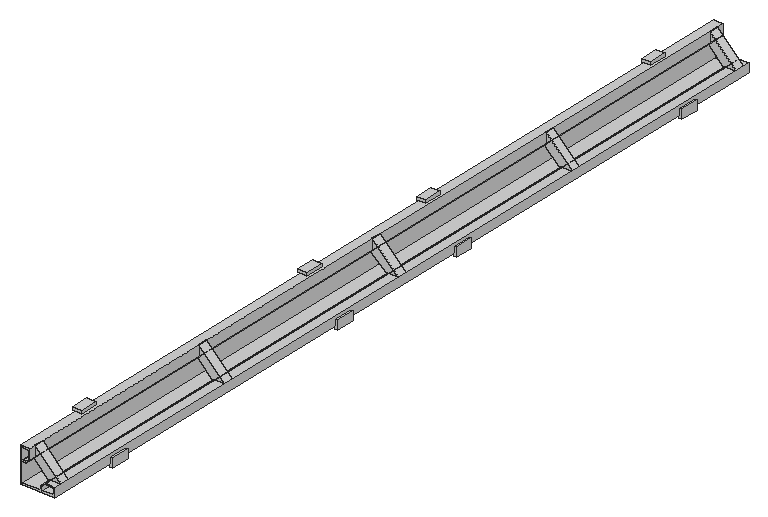
Revit family "LGW_OUTSIDE CORNER LGW 2,4_1923272", category Generic Models, Revit 2018
Family settings
  Can host rebar = No
  Round Connector Dimension = Use Diameter
  Part Type = Normal
  OmniClass Number = 35.51.14.00
  OmniClass Title = FORMWORK
  Work Plane-Based = Yes
  Always vertical = No
  Cut with Voids When Loaded = No
  Shared = Yes
  Room Calculation Point = No
Parameters
  VERSION = "20190101"  # constant formula
  URL = "www.ulmaconstruction.com/en"
  UNICLASS = ""
  ITEM_CODE = "1923272"
  Manufacturer = "ULMA CONSTRUCTION"  # constant formula
  FILTER [instance] = ""
  Default Elevation = 0.000 mm
  CLASSIFICATION_TITLE = ""
  CLASSIFICATION_NUMBER = ""
Reference planes
  plane 1 "Centro (Frontal/Posterior)": y = 0
  plane 2: z = 0
  plane 3 "Centro (Izquierda/Derecha)": x = 0
  plane 4 "ITEM_HEIGHT": y = 2400
Forms (mm)
  Extrusion 1, solid, material "ULMA ZINC"
    sketch origin (0, 0, 0) x (1, 0, 0) y (0, 0, 1)
      loop
        line (25, 96.5) -> (0, 96.5) -> (0, 0) -> (96.5, 0) -> (96.5, 25) -> (66.5, 25) -> (57.5, 16) -> (57.5, 4) -> (4, 4) -> (4, 57.5) -> (16, 57.5) -> (25, 66.5) -> (25, 96.5)
      loop
        line (4, 60) -> (14.964, 60) -> (22.5, 67.536) -> (22.5, 92.5) -> (4, 92.5) -> (4, 60)
      loop
        line (60, 14.964) -> (60, 4) -> (92.5, 4) -> (92.5, 22.5) -> (67.536, 22.5) -> (60, 14.964)
    from -2400 to 0
  Extrusion 2, solid, material "ULMA ZINC", detail levels fine
    sketch origin (0, 0, 0) x (1, 0, 0) y (0, 0, 1)
      loop
        line (61.145, 25) -> (96.5, 25) -> (25, 96.5) -> (25, 61.145) -> (61.145, 25)
    from -45 to -20
  Extrusion 3, solid, material "ULMA ZINC", detail levels fine
    sketch origin (0, 567.5, 0) x (1, 0, 0) y (0, 0, 1)
      loop
        line (61.145, 25) -> (96.5, 25) -> (25, 96.5) -> (25, 61.145) -> (61.145, 25)
    from -45 to -20
  Extrusion 4, solid, material "ULMA ZINC", detail levels fine
    sketch origin (0, 1047.5, 0) x (1, 0, 0) y (0, 0, 1)
      loop
        line (61.145, 25) -> (96.5, 25) -> (25, 96.5) -> (25, 61.145) -> (61.145, 25)
    from -165 to -140
  Extrusion 5, solid, material "ULMA ZINC", detail levels fine
    sketch origin (0, 1687.5, 0) x (1, 0, 0) y (0, 0, 1)
      loop
        line (61.145, 25) -> (96.5, 25) -> (25, 96.5) -> (25, 61.145) -> (61.145, 25)
    from -125 to -100
  Extrusion 6, solid, material "ULMA ZINC", detail levels fine
    sketch origin (0, 2202.5, 0) x (1, 0, 0) y (0, 0, 1)
      loop
        line (61.145, 25) -> (96.5, 25) -> (25, 96.5) -> (25, 61.145) -> (61.145, 25)
    from -177.5 to -152.5
  Extrusion 7, solid, material "ULMA ZINC", detail levels fine
    sketch origin (0, 0, 0) x (1, 0, 0) y (0, 0, 1)
      loop
        line (-7, 104.5) -> (-7, 96.5) -> (18, 96.5) -> (18, 104.5) -> (-7, 104.5)
      loop
        line (96.5, 18) -> (96.5, -7) -> (104.5, -7) -> (104.5, 18) -> (96.5, 18)
    from -240 to -190
  Extrusion 8, solid, material "ULMA ZINC", detail levels fine
    sketch origin (0, 830, 0) x (1, 0, 0) y (0, 0, 1)
      loop
        line (-7, 104.5) -> (-7, 96.5) -> (18, 96.5) -> (18, 104.5) -> (-7, 104.5)
      loop
        line (96.5, 18) -> (96.5, -7) -> (104.5, -7) -> (104.5, 18) -> (96.5, 18)
    from -190 to -140
  Extrusion 9, solid, material "ULMA ZINC", detail levels fine
    sketch origin (0, 1740, 0) x (1, 0, 0) y (0, 0, 1)
      loop
        line (-7, 104.5) -> (-7, 96.5) -> (18, 96.5) -> (18, 104.5) -> (-7, 104.5)
      loop
        line (96.5, 18) -> (96.5, -7) -> (104.5, -7) -> (104.5, 18) -> (96.5, 18)
    from 310 to 360
  Extrusion 10, solid, material "ULMA ZINC", detail levels fine
    sketch origin (0, 2570, 0) x (1, 0, 0) y (0, 0, 1)
      loop
        line (-7, 104.5) -> (-7, 96.5) -> (18, 96.5) -> (18, 104.5) -> (-7, 104.5)
      loop
        line (96.5, 18) -> (96.5, -7) -> (104.5, -7) -> (104.5, 18) -> (96.5, 18)
    from 360 to 410
Lines and regions (mm)
  model lines, style "ULMA PANELS", detail levels fine
    curve 1: circle (42, 450, 0) r 10 normal (0, 0, 1)
    curve 2: circle (42, 950, 0) r 10 normal (0, 0, 1)
    curve 3: circle (42, 1450, 0) r 10 normal (0, 0, 1)
    curve 4: circle (42, 1950, 0) r 10 normal (0, 0, 1)
    curve 5: circle (0, 450, 42) r 10 normal (1, 0, 0)
    curve 6: circle (0, 950, 42) r 10 normal (1, 0, 0)
    curve 7: circle (0, 1450, 42) r 10 normal (1, 0, 0)
    curve 8: circle (0, 1950, 42) r 10 normal (1, 0, 0)
    curve 9: circle (4, 450, 42) r 10 normal (1, 0, 0)
    curve 10: circle (4, 950, 42) r 10 normal (1, 0, 0)
    curve 11: circle (4, 1450, 42) r 10 normal (1, 0, 0)
    curve 12: circle (4, 1950, 42) r 10 normal (1, 0, 0)
    curve 13: circle (42, 450, 4) r 10 normal (0, 0, 1)
    curve 14: circle (42, 950, 4) r 10 normal (0, 0, 1)
    curve 15: circle (42, 1450, 4) r 10 normal (0, 0, 1)
    curve 16: circle (42, 1950, 4) r 10 normal (0, 0, 1)
Dimensions and locks
  aligned and locked: level to plane 2
